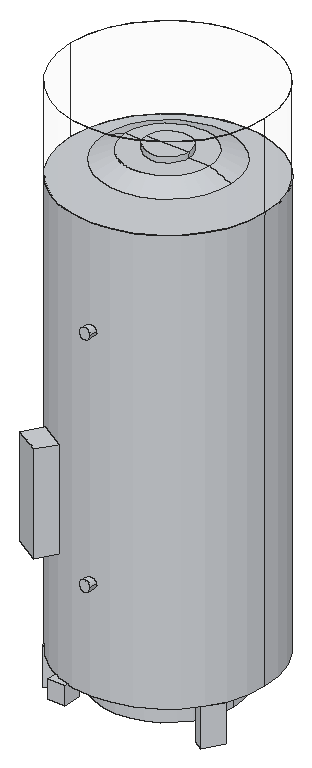
Revit family
Parameters (values of type "CGN120 070")
  water outlet radius = 3/4"
  water inlet radius = 3/4"
  water inlet/outlet length = radius + 1"  # 14 7/8"
  gas conn radius = 1/4"
  gas conn offset = radius * sin(15.00°)  # 3.59111"
  E_Gas conn height = 4 1/4"
  D_water inlet height = 19 3/4"
  vent radius = 3"
  top clearance = 12"
  tank height = A_HEIGHT - 4"  # 65 3/4"
  flue dimension = vent radius + 6"  # 9"
  bottom of tank radius = radius - 4 1/2"  # 9 3/8"
  bottom of tank height = -1 * feet height + 1"  # -4 1/4"
  SES BIM Studio # = "201264902-44"
  URL = "http://www.lochinvar.com/products/Default.aspx?type=ProductLine&lineid=188"
  Model = "CGN120 070"
  Manufacturer = "Lochinvar"
  MODEL NO. = "CGN120 070"
  GALLON CAPACITY = "71"
  feet height = E_Gas conn height + 1"  # 5 1/4"
  C_water oultlet height = 52"
  B_DIAMETER = radius * 2  # 27 3/4"
  INPUT RATE (BTUH) = "120,000"
  A_HEIGHT = 69 3/4"
  FUEL TYPE = "NATURAL GAS"
  Description = "Commercial Water Heater"
  Fuel Type = "Natrual Gas"
  radius = 13 7/8"
Types (8): name | gas conn radius | E_Gas conn height | D_water inlet height | tank height | bottom of tank height | Model | MODEL NO. | GALLON CAPACITY | feet height | C_water oultlet height | INPUT RATE (BTUH) | A_HEIGHT
  (no name) | 1/4" | 4 1/4" | 19 3/4" | 65 3/4" | -4 1/4" | "CGN120 070" | "CGN120 070" | "71" | 5 1/4" | 52" | "120,000" | 69 3/4"
  CGN120 070 | 1/4" | 4 1/4" | 19 3/4" | 65 3/4" | -4 1/4" | "CGN120 070" | "CGN120 070" | "71" | 5 1/4" | 52" | "120,000" | 69 3/4"
  CGN150 032 | 3/8" | 5" | 15 3/4" | 41" | -5" | "CGN150 032" | "CGN150 032" | "32" | 6" | 32 1/2" | "150,000" | 45"
  CGN155 080 | 1/4" | 4 1/4" | 19 3/4" | 69" | -4 1/4" | "CGN155 080" | "CGN155 080" | "81" | 5 1/4" | 59" | "154,000" | 73"
  CGN180 080 | 1/4" | 4 1/2" | 20 1/2" | 63 1/2" | -4 1/2" | "CGN180 080" | "CGN180 080" | "81" | 5 1/2" | 54 3/4" | "180,000" | 67 1/2"
  CGN200 032 | 3/8" | 5" | 15 3/4" | 41" | -5" | "CGN200 032" | "CGN200 032" | "32" | 6" | 32 1/2" | "199,000" | 45"
  CGN200 080 | 1/4" | 4 1/2" | 20 1/2" | 63 1/2" | -4 1/2" | "CGN200 080" | "CGN200 080" | "81" | 5 1/2" | 54 3/4" | "199,000" | 67 1/2"
  CGN200 100 | 1/4" | 4 1/2" | 20 1/2" | 71" | -4 1/2" | "CGN200 100" | "CGN200 100" | "100" | 5 1/2" | 62 3/4" | "199,000" | 75"
Reference planes (in)
  plane 1 "Center (Front/Back)": y = 6.125
  plane 2: z = 0
  plane 3 "Center (Left/Right)": x = -1.39218
  plane 4 "Top": z = 65.75
  plane 5 "Top Clearance": z = 77.75
  plane 6 "Foot Offset Plane": through (-1.39218, 6.125, 48) normal (-0.866, 0.5, 0)
  plane 7 "Foot Offset Plane 2": through (-1.39218, 6.125, 48) normal (-0.866, -0.5, 0)
  plane 8 "Tank Bottom": z = 5.25
  plane 9 "Elec Box Plane": through (-1.39218, 6.125, 48) normal (0.5, 0.866, 0)
  plane 10 "Elec Box Height": z = 35.25
Forms (in)
  Extrusion 1, solid, material "Clearance"
    sketch origin (0, 0, 65.75) x (-1, 0, 0) y (0, -1, 0)
      loop
        circle (1.39218, -6.125) r 13.875
    from 0 to 12
  Extrusion 2, solid
    sketch origin (0, 0, 0) x (1, 0, 0) y (0, 1, 0)
      loop
        line (-14.15828, 0.48654) -> (-12.65828, -2.11154) -> (-11.35924, -1.36154) -> (-12.85924, 1.23654) -> (-14.15828, 0.48654)
      loop
        line (9.87392, -2.11154) -> (11.37392, 0.48654) -> (10.07489, 1.23654) -> (8.57489, -1.36154) -> (9.87392, -2.11154)
      loop
        line (-2.89218, 18.5) -> (0.10782, 18.5) -> (0.10782, 20) -> (-2.89218, 20) -> (-2.89218, 18.5)
    from 0 to 5.25 <- "feet height"
  Extrusion 3, solid
    sketch origin (0, 0, 5.25) x (-1, 0, 0) y (0, -1, 0)
      loop
        circle (1.39218, -6.125) r 13.875
    from 0 to 60.5
  Revolve 4, solid
    sketch origin (0, 6.125, 0) x (1, 0, 0) y (0, 0, 1)
      loop
        line (-1.39218, 65.75) -> (1.60782, 65.75) -> (1.60782, 67.75) -> (7.60782, 67.75) -> (4.60782, 69) -> (1.60782, 69) -> (1.60782, 69.75) -> (-1.39218, 69.75) -> (-1.39218, 65.75)
      axis (-1.39218, 65.75) -> (-1.39218, 69.75)
    angle from 0 to 360
  Extrusion 5, solid
    sketch origin (0, 0, 5.25) x (-1, 0, 0) y (0, -1, 0)
      loop
        circle (1.39218, -6.125) r 9.375
    from 0 to -4.25 <- "bottom of tank height"
  Extrusion 6, solid
    sketch origin (0, 6.125, 0) x (1, 0, 0) y (0, 0, 1)
      loop
        circle (-1.39218, 19.75) r 0.75
    from 0 to 14.875 <- "water inlet/outlet length"
  Extrusion 7, solid
    sketch origin (0, 6.125, 17.25) x (1, 0, 0) y (0, 0, 1)
      loop
        circle (-1.39218, 34.75) r 0.75
    from 0 to 14.875 <- "water inlet/outlet length"
  Extrusion 8, solid
    sketch origin (0, 0, 35.25) x (-1, 0, 0) y (0, -1, 0)
      loop
        line (10.16998, 4.8286) -> (11.66998, 7.42668) -> (7.98938, 9.55168) -> (6.48938, 6.9536) -> (10.16998, 4.8286)
    from 0 to -14
  Extrusion 9, solid
    sketch origin (0, 0, 5.25) x (-1, 0, 0) y (0, -1, 0)
      loop
        line (7.48329, 5.25) -> (7.48329, 7.75) -> (4.98329, 7.75) -> (4.98329, 5.25) -> (7.48329, 5.25)
    from 0 to -2.5
  Extrusion 10, solid
    sketch origin (-7.48329, -7.75, 5.25) x (0, 1, 0) y (0, 0, -1)
      loop
        circle (1.26844, 1) r 0.25
    from 0 to 0.5
Dimensions and locks (in)
  "tank height": plane 4 "Top" to level
  "top clearance": plane 5 "Top Clearance" to plane 4 "Top"
  "radius": plane 1 "Center (Front/Back)" to Extrusion 2 sketch curve
  locked: Extrusion 2 sketch curve to Extrusion 2 sketch curve at 3  (x3)
  locked: Extrusion 2 sketch curve to Extrusion 1 at 1.5
  locked: Extrusion 2 sketch curve to Extrusion 2 sketch curve at 1.5  (x2)
  "radius": Extrusion 2 sketch curve to plane 7 "Foot Offset Plane 2"
  "radius": plane 6 "Foot Offset Plane" to Extrusion 2 sketch curve
  "feet height": plane 8 "Tank Bottom" to level
  Revolve 4 sketch curve to plane 4 "Top" = 4"
  "vent radius": Revolve 4 sketch curve to plane 3 "Center (Left/Right)"
  "flue dimension": Revolve 4 sketch curve to plane 3 "Center (Left/Right)"
  "D_water inlet height": Extrusion 6 sketch curve to level
  "C_water oultlet height": Extrusion 7 sketch curve to level
  locked: Extrusion 8 sketch curve to Extrusion 8 sketch curve at 3
  locked: Extrusion 8 sketch curve to Extrusion 8 sketch curve at 4.25
  "radius": plane 9 "Elec Box Plane" to Extrusion 8 sketch curve
  locked: Extrusion 9 sketch curve to Extrusion 9 sketch curve at 2.5  (x2)
  "radius": Extrusion 9 sketch curve to plane 1 "Center (Front/Back)"
  "gas conn offset": Extrusion 9 sketch curve to plane 3 "Center (Left/Right)"
  "E_Gas conn height": Extrusion 10 sketch curve to level
  "radius": radius of Extrusion 1 sketch curve
  "radius": radius of Extrusion 3 sketch curve
  "bottom of tank radius": radius of Extrusion 5 sketch curve
  "water inlet radius": radius of Extrusion 6 sketch curve
  "water inlet radius": radius of Extrusion 7 sketch curve
  "gas conn radius": radius of Extrusion 10 sketch curve
  aligned and locked: plane 5 "Top Clearance" to Extrusion 1
  aligned and locked: plane 4 "Top" to Extrusion 3
Automatic sketch dimensions
  plane 1 "Center (Front/Back)" to Extrusion 1 sketch curve = 0"
  Extrusion 1 sketch curve to plane 3 "Center (Left/Right)" = 0"
  Extrusion 2 sketch curve to plane 3 "Center (Left/Right)" = 1 1/2"
  plane 1 "Center (Front/Back)" to Extrusion 2 sketch curve = 4.88846"  (x2)
  plane 1 "Center (Front/Back)" to Extrusion 3 sketch curve = 0"
  Extrusion 3 sketch curve to plane 3 "Center (Left/Right)" = 0"
  plane 1 "Center (Front/Back)" to Extrusion 5 sketch curve = 0"
  Extrusion 5 sketch curve to plane 3 "Center (Left/Right)" = 0"
  Extrusion 6 sketch curve to plane 3 "Center (Left/Right)" = 0"
  Extrusion 7 sketch curve to plane 3 "Center (Left/Right)" = 0"
  Extrusion 8 sketch curve to plane 3 "Center (Left/Right)" = 5.0972"
  Extrusion 9 to Extrusion 10 sketch curve = 1.23156"
  Revolve 4 sketch curve to plane 3 "Center (Left/Right)" = 0"  (x2)
  Revolve 4 sketch curve to plane 4 "Top" = 0"
  Revolve 4 sketch curve to Revolve 4 sketch curve = 0"
  Revolve 4 sketch curve to Revolve 4 sketch curve = 3"
  Revolve 4 sketch curve to plane 10 "Elec Box Height" = 4 3/4"
  Revolve 4 sketch curve to Revolve 4 sketch curve = 2"
  Revolve 4 sketch curve to Revolve 4 sketch curve = 3/4"
  plane 5 "Top Clearance" to Revolve 4 sketch curve = 24"
Connectors (in)
  piping at (-1.39218, -8.75, 19.75), driven by "water inlet radius"
    settings: on Extrusion 6, index 2, connector radius 3/4", flow factor 0, pipe flow 0 GPM, pressure drop 0.00 psi, fitting loss kfactor 0, connector angle 0.00°, fixture units 0, flow configuration 0, flow direction 1, fitting loss method 0, system type 20, connector reference index -1, connector utility 0, adjustable connector no, is connector primary yes, fitting loss table "", connector description "Water Inlet Conn"
  piping at (-7.98329, -6.48156, 4.25), driven by "gas conn radius"
    settings: on Extrusion 10, index 3, connector radius 1/4", flow factor 0, pipe flow 0 GPM, pressure drop 0.00 psi, fitting loss kfactor 0, connector angle 0.00°, fixture units 0, flow configuration 0, flow direction 1, fitting loss method 0, system type 22, connector reference index -1, connector utility 0, adjustable connector no, is connector primary no, fitting loss table "", connector description "Gas Conn"
  electrical at (-10.91998, -6.12764, 28.25)
    settings: on Extrusion 8, index 4, voltage 120 V, apparent load 0 VA, apparent load phase1 0 VA, apparent load phase2 0 VA, apparent load phase3 0 VA, power factor 1, load classification "Other", number of poles 1, system type 30, power factor state 1, is connector primary yes, connector utility no, sub classification motor no, connector description ""
  piping at (-1.39218, -8.75, 52), driven by "water outlet radius"
    settings: on Extrusion 7, index 5, connector radius 3/4", flow factor 0, pipe flow 0 GPM, pressure drop 0.00 psi, fitting loss kfactor 0, connector angle 0.00°, fixture units 0, flow configuration 0, flow direction 2, fitting loss method 0, system type 19, connector reference index -1, connector utility 0, adjustable connector no, is connector primary no, fitting loss table "", connector description "Water Outlet Conn"
  hvac at (-1.39218, 6.125, 69.75), driven by "vent radius"
    settings: on Revolve 4, index 6, duct flow 0 CFM, flow factor 0, pres drop 0.00 in-wg, loss coef 0, conn angle 0.00°, conn width 12", conn height 12", conn radius 3", duct sys type 3, conn prof type 0, flow config 0, flow direction 2, loss method 0, conn ref index -1, conn util no, is conn primary yes, conn desc ""
